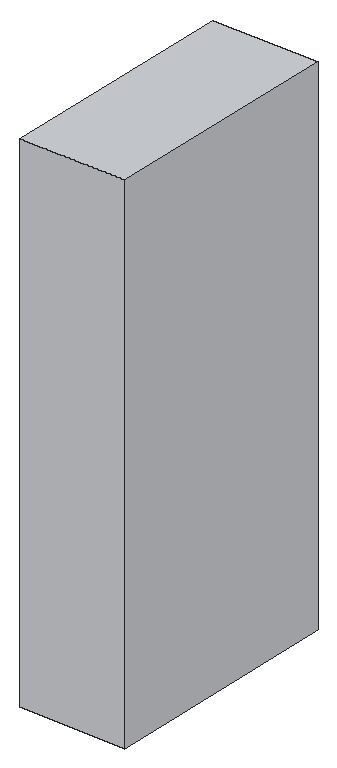
Revit family "7-SHELF, 1-UNIT", category Generic Models, Revit 2014
Parameters (values of type "OVERSIZED WIDTH")
  UNIT WIDTH = 1' - 7"
  HEIGHT = 7' - 8"
  Cabinet Label = Labels : 7-SHELF
Types (3): name | UNIT WIDTH
  (no name) | 1' - 7"
  STANDARD WIDTH | 1' - 4"
  OVERSIZED WIDTH | 1' - 7"
Reference planes (in)
  plane 1 "Center (Front/Back)": y = 0
  plane 2 "BOTTOM": z = 0
  plane 3 "Center (Left/Right)": x = 0
  plane 4 "RIGHT": x = 9.5
  plane 5 "LEFT": x = -9.5
  plane 6 "BACK": y = 21.75
  plane 7 "FRONT": y = -21.75
  plane 8 "OPEN POSITION": y = -58.24743
  plane 9 "TOP": z = 92
  plane 10: x = -3.5
  plane 11: x = 3.5
  plane 12 "FRONT DETAIL 1": z = 54
  plane 13 "FRONT DETAIL 2": z = 52.5
  plane 14 "FRONT DETAIL 3": z = 46
  plane 15: x = -1.5
  plane 16: x = 1.5
Forms (in)
  Extrusion 1, solid
    sketch origin (0, 0, 0) x (1, 0, 0) y (0, 1, 0)
      loop
        line (-9.5, 21.75) -> (-9.5, -21.75) -> (9.5, -21.75) -> (9.5, 21.75) -> (-9.5, 21.75)
    from 0 to 92
Lines and regions (in)
  model lines, style "GenericModelHiddenLines"
    curve 1: line (-9.5, -21.75, 0) -> (-9.5, -58.24743, 0)
    curve 2: line (-9.5, -58.24743, 0) -> (9.5, -58.24743, 0)
    curve 3: line (9.5, -58.24743, 0) -> (9.5, -21.75, 0)
  model lines, style "GenericModel"
    curve 4: line (-1.5, -21.75, 54) -> (1.5, -21.75, 54)
    curve 5: line (1.5, -21.75, 54) -> (1.5, -21.75, 52.5)
    curve 6: line (1.5, -21.75, 52.5) -> (-1.5, -21.75, 52.5)
    curve 7: line (-1.5, -21.75, 52.5) -> (-1.5, -21.75, 54)
    curve 8: line (-3.5, -21.75, 46) -> (3.5, -21.75, 46)
Dimensions and locks (in)
  equal spacing: plane 5 "LEFT", plane 3 "Center (Left/Right)", plane 4 "RIGHT"
  "UNIT WIDTH": plane 5 "LEFT" to plane 4 "RIGHT"
  equal spacing: plane 6 "BACK", plane 1 "Center (Front/Back)", plane 7 "FRONT"
  plane 6 "BACK" to plane 7 "FRONT" to plane 8 "OPEN POSITION" = 3' - 7 1/2" locked, 3' - 0.49743" locked
  "HEIGHT": plane 2 "BOTTOM" to plane 9 "TOP"
  plane 12 "FRONT DETAIL 1" to plane 13 "FRONT DETAIL 2" to plane 14 "FRONT DETAIL 3" to plane 2 "BOTTOM" = 0' - 1 1/2" locked, 0' - 6 1/2" locked, 3' - 10" locked
  equal spacing: plane 16, plane 3 "Center (Left/Right)", plane 15, locked at 1.5 each
  plane 11 to plane 16 to plane 15 to plane 10 = 0' - 2" locked, 0' - 3" locked, 0' - 2" locked
  aligned and locked: plane 2 "BOTTOM" to level
  aligned and locked: Extrusion 1 sketch curve to plane 6 "BACK"
  aligned and locked: plane 5 "LEFT" to Extrusion 1 sketch curve
  aligned and locked: plane 7 "FRONT" to Extrusion 1 sketch curve
  aligned and locked: Extrusion 1 sketch curve to plane 4 "RIGHT"
  aligned and locked: Extrusion 1 to plane 2 "BOTTOM"
  aligned and locked: Extrusion 1 to plane 9 "TOP"
  aligned and locked: curve 1 to plane 5 "LEFT"
  aligned and locked: curve 2 to plane 8 "OPEN POSITION"
  aligned and locked: plane 4 "RIGHT" to curve 3
  aligned and locked: curve 8 to plane 14 "FRONT DETAIL 3"
  aligned and locked: plane 11 to curve 8
  aligned and locked: plane 10 to curve 8
  aligned and locked: plane 15 to curve 7
  aligned and locked: curve 5 to plane 16
  aligned and locked: curve 4 to plane 12 "FRONT DETAIL 1"
  aligned and locked: plane 13 "FRONT DETAIL 2" to curve 6
Automatic sketch dimensions
  curve 3 to plane 7 "FRONT" = 0' - 0"
  curve 1 to plane 7 "FRONT" = 0' - 0"
Nested families (in)
  nested 1: "Labels" at (0, 0, 0) x (0, 1, 0) z (0, 0, 1), type <- "Cabinet Label", type "7-SHELF"
Definition of nested family "Labels"
  Parameters (values of type "6-SHELF")
    Cabinet Label = "6-SHELF"
  Types (2): name | Cabinet Label
    6-SHELF | "6-SHELF"
    7-SHELF | "7-SHELF"
  Reference planes (in)
    plane 1: y = 0
    plane 2: x = 0
  Text (in)
    label "xxxx" at (-0.00018, 0.00754, 0), shows "Cabinet Label"
